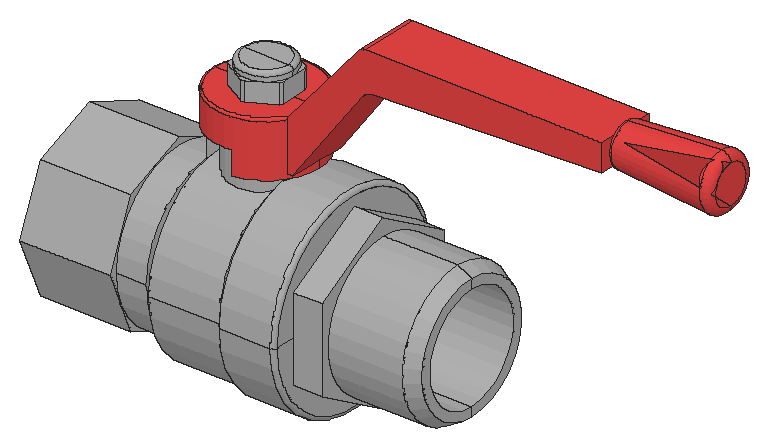
Revit family "QA06130000", category Apparecchi idraulici, Revit 2016
Family settings
  Tipo di parte = Normale
  Quota connettore circolare = Usa diametro
  Numero OmniClass = 23.45.00.00
  Titolo OmniClass = Sanitary, Laundry, and Cleaning Equipment
  Basato su piano di lavoro = No
  Sempre verticale = Sì
  Taglio con vuoti quando caricato = No
  Condiviso = No
  Punto di calcolo locali = No
Parameters
  URL = "https://web.cimberio.it/index.php/figura/164?subcategoria_id=42417"
  DN Model [instance] = QA06131025 : QA06131025
  DN [instance] = 25 mm
Reference planes
  plane 1 "Centro (Fronte/Retro)": y = 0
  plane 2: z = 0
  plane 3 "Centro (Sinistra/Destra)": x = 0
Dimensions and locks
  aligned and locked: level to plane 2
Nested families
  nested 1: "QA06131025" at (0, 0, 0), type <- "DN Model", type "QA06131025"
  nested 2: "QA06131025" at (0, 0, 0), type <- "DN Model", type "QA06131025"
  nested 3: "QA06131025" at (0, 0, 0), type <- "DN Model", type "QA06131025"
  nested 4: "QA06131025" at (0, 0, 0), type <- "DN Model", type "QA06131025"
  nested 5: "QA06131025" at (0, 0, 0), type <- "DN Model", type "QA06131025"
  nested 6: "QA06131025" at (0, 0, 0), type <- "DN Model", type "QA06131025"
Connectors
  piping at (48.6, 0, 0), diameter 25, driven by "DN"
    settings: on nested 1, index 1, connector inside diameter 609.6 mm, connector length 0 mm, flow factor 0, pipe flow 0.0 L/s, pressure drop 0.0 Pa, fitting loss kfactor 0, connector angle 0.00°, fixture units 0, engagement length 0 mm, angle of deflection 0.00°, flow configuration 0, flow direction 0, fitting loss method 0, system type 7, joint type 0, gender type 0, connector reference index -1, connector utility 0, adjustable connector no, is connector primary yes, connector description ""
  piping at (-42, 0, 0), diameter 25, driven by "DN"
    settings: on nested 1, index 2, connector inside diameter 609.6 mm, connector length 0 mm, flow factor 0, pipe flow 0.0 L/s, pressure drop 0.0 Pa, fitting loss kfactor 0, connector angle 0.00°, fixture units 0, engagement length 0 mm, angle of deflection 0.00°, flow configuration 0, flow direction 0, fitting loss method 0, system type 7, joint type 0, gender type 0, connector reference index -1, connector utility 0, adjustable connector no, is connector primary no, connector description ""
Definition of nested family "QA06131025"
  Reference planes
    plane 1 "Centro (Fronte/Retro)": y = 0
    plane 2: z = 0
    plane 3 "Centro (Sinistra/Destra)": x = 0
  Forms (mm)
    Revolve 1, solid
      sketch origin (0, 0, 0.033) x (0, 1, 0) y (-1, 0, 0)
        loop
          line (12.5, 20.6) -> (12.5, -20.6) -> (22.5, -20.6)
          arc (22.5, -20.6) -> (23.207, -20.307) -> (23.5, -19.6) r 1
          line (23.5, -19.6) -> (23.5, -7.6) -> (22.3, -6.4) -> (22.3, 10.1) -> (19, 13.4) -> (19, 20.6) -> (12.5, 20.6)
        axis (0, 20.6) -> (0, -20.6)
      angle from 0 to 360
    Revolve 2, solid
      sketch origin (0, 0, 9.335) x (1, 0, 0) y (0, 0, 1)
        loop
          line (0.073, 22.3) -> (-7.39, 22.3) -> (-7.39, 18.865) -> (-8.62, 18.865) -> (-8.62, 11.542) -> (0.073, 11.542) -> (0.073, 22.3)
        axis (0.073, 11.542) -> (0.073, 22.3)
      angle from 0 to 360
    Revolve 3, solid
      sketch origin (0, 0, 8.679) x (1, 0, 0) y (0, 0, 1)
        loop
          line (0, 29.821) -> (-12, 29.821)
          arc (-12, 29.821) -> (-12.354, 29.675) -> (-12.5, 29.321) r 0.5
          line (-12.5, 29.321) -> (-12.5, 16.821) -> (0, 16.821) -> (0, 29.821)
        axis (0, 29.821) -> (0, 16.821)
      angle from 0 to 360
    Extrusion 4, void
      sketch origin (0, 0, 58.995) x (0, 1, 0) y (-1, 0, 0)
        loop
          line (1.5, 7.302) -> (1.5, 13.521)
          arc (1.5, 13.521) -> (-9.655, 9.583) -> (-13.509, -1.6) r 13.603
          line (-13.509, -1.6) -> (-7.124, -1.6)
          arc (-7.124, -1.6) -> (-5.109, 5.076) -> (1.5, 7.302) r 7.603
      from -35.316 to -28.016
    Revolve 5, solid
      sketch origin (0, 0, 0) x (1, 0, 0) y (0, 0, 1)
        loop
          line (48.6, 14.627) -> (45.4, 16.475) -> (27.6, 16.475) -> (27.6, 12.5) -> (48.6, 12.5) -> (48.6, 14.627)
        axis (48.6, 0) -> (27.6, 0)
      angle from 0 to 360
    Extrusion 6, solid
      sketch origin (0, 0, 0) x (1, 0, 0) y (0, 0, 1)
        loop
          line (-13, 28.2) -> (-13, 19) -> (-8.321, 19) -> (-8.321, 28.2) -> (-13, 28.2)
      from -1.5 to 1.5
    Revolve 7, solid
      sketch origin (0, 0, 0) x (1, 0, 0) y (0, 0, 1)
        loop
          arc (6.25, 44) -> (5.957, 44.707) -> (5.25, 45) r 1
          line (5.25, 45) -> (0, 45) -> (0, 43) -> (6.25, 43) -> (6.25, 44)
        axis (0, 45) -> (0, 43)
      angle from 0 to 360
    Extrusion 8, solid
      sketch origin (0, 0, 0) x (1, 0, 0) y (0, 0, 1)
        loop
          line (10.573, 38.5) -> (10.573, 26.631) -> (11.916, 26.631) -> (28.705, 49.684)
          arc (28.705, 49.684) -> (29.407, 50.297) -> (30.306, 50.545) r 2.1
          line (30.306, 50.545) -> (85, 53) -> (85, 59.5) -> (29.02, 59.5)
          arc (29.02, 59.5) -> (28.132, 59.303) -> (27.411, 58.75) r 2.1
          line (27.411, 58.75) -> (10.573, 38.5)
      from -7 to 7
    Revolve 9, solid
      sketch origin (0, 0, 0) x (1, 0, 0) y (0, 0, 1)
        loop
          arc (85.758, 61.289) -> (85.22, 61.041) -> (85, 60.49) r 0.8
          line (85, 60.49) -> (85, 56.25) -> (110, 56.25) -> (110, 60.825)
          arc (110, 60.825) -> (109.365, 62.289) -> (107.862, 62.822) r 2
          line (107.862, 62.822) -> (85.758, 61.289)
        axis (85, 56.25) -> (110, 56.25)
      angle from 0 to 360
    Extrusion 10, solid
      sketch origin (-16, 0, 0) x (0, 0, 1) y (0, 1, 0)
        loop
          circle (0, 0) r 12.467
        loop
          line (20.5, 0) -> (14.496, 14.496) -> (0, 20.5) -> (-14.496, 14.496) -> (-20.5, 0) -> (-14.496, -14.496) -> (0, -20.5) -> (14.496, -14.496) -> (20.5, 0)
      from 4.6 to 26
    Extrusion 11, solid
      sketch origin (0, 0, 0) x (0, 1, 0) y (0, 0, 1)
        loop
          circle (0, 0) r 12.5
        loop
          line (0, 20.25) -> (-18, 9.858) -> (-18, -9.858) -> (0, -20.25) -> (18, -9.858) -> (18, 9.858) -> (0, 20.25)
      from 20.6 to 27.6
    Extrusion 12, solid
      sketch origin (0, 0, 50.316) x (0, 1, 0) y (-1, 0, 0)
        loop
          arc (7.244, -0.284) -> (7.248, 0.185) -> (7.22, 0.654) r 7.25
          line (7.22, 0.654) -> (3.868, 6.132)
          arc (3.868, 6.132) -> (3.463, 6.369) -> (3.044, 6.58) r 7.25
          line (3.044, 6.58) -> (-3.377, 6.416)
          arc (-3.377, 6.416) -> (-3.784, 6.184) -> (-4.176, 5.926) r 7.25
          line (-4.176, 5.926) -> (-7.244, 0.284)
          arc (-7.244, 0.284) -> (-7.248, -0.185) -> (-7.22, -0.654) r 7.25
          line (-7.22, -0.654) -> (-3.868, -6.132)
          arc (-3.868, -6.132) -> (-3.463, -6.369) -> (-3.044, -6.58) r 7.25
          line (-3.044, -6.58) -> (3.377, -6.416)
          arc (3.377, -6.416) -> (3.784, -6.184) -> (4.176, -5.926) r 7.25
          line (4.176, -5.926) -> (7.244, -0.284)
      from -11.816 to -7.316
  Cuts and joins
    Extrusion 4 cuts Revolve 3
  Dimensions and locks
    aligned and locked: level to plane 2
